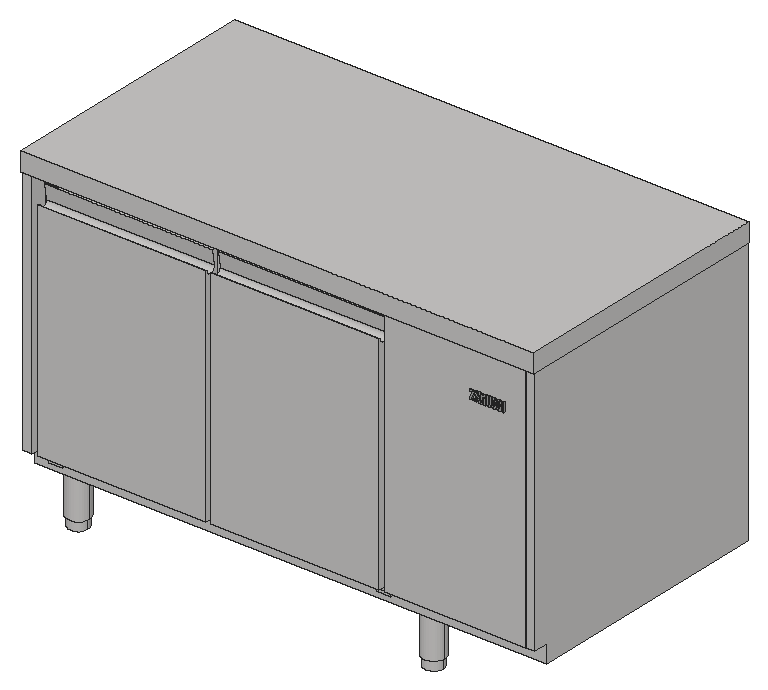
Revit family "QF_ZANUSSI_111024_ZH2HDAA", category Specialty Equipment, Revit 2018 (continued)
Definition of nested family "ZAN_Cooling Unit"
  Lines and regions (mm)
    Split face 131
      outline origin (110.032, 2, -125.094) x (0, 0, 1) y (-1, 0, 0)
        loop
          arc (510.649, 158.547) -> (506.648, 162.548) -> (502.647, 158.547) r 4.001
          line (502.647, 158.547) -> (502.647, 116.535)
          arc (502.647, 116.535) -> (506.648, 112.533) -> (510.649, 116.535) r 4.001
          line (510.649, 116.535) -> (510.649, 158.547)
    Split face 132
      outline origin (110.032, 2, -137.098) x (0, 0, 1) y (-1, 0, 0)
        loop
          arc (510.649, 158.547) -> (506.648, 162.548) -> (502.647, 158.547) r 4.001
          line (502.647, 158.547) -> (502.647, 116.535)
          arc (502.647, 116.535) -> (506.648, 112.533) -> (510.649, 116.535) r 4.001
          line (510.649, 116.535) -> (510.649, 158.547)
    Split face 133
      outline origin (110.032, 2, -149.101) x (0, 0, 1) y (-1, 0, 0)
        loop
          arc (510.649, 158.547) -> (506.648, 162.548) -> (502.647, 158.547) r 4.001
          line (502.647, 158.547) -> (502.647, 116.535)
          arc (502.647, 116.535) -> (506.648, 112.533) -> (510.649, 116.535) r 4.001
          line (510.649, 116.535) -> (510.649, 158.547)
    Split face 134
      outline origin (110.032, 2, -161.105) x (0, 0, 1) y (-1, 0, 0)
        loop
          arc (510.649, 158.547) -> (506.648, 162.548) -> (502.647, 158.547) r 4.001
          line (502.647, 158.547) -> (502.647, 116.535)
          arc (502.647, 116.535) -> (506.648, 112.533) -> (510.649, 116.535) r 4.001
          line (510.649, 116.535) -> (510.649, 158.547)
    Split face 135
      outline origin (110.032, 2, -173.108) x (0, 0, 1) y (-1, 0, 0)
        loop
          arc (510.649, 158.547) -> (506.648, 162.548) -> (502.647, 158.547) r 4.001
          line (502.647, 158.547) -> (502.647, 116.535)
          arc (502.647, 116.535) -> (506.648, 112.533) -> (510.649, 116.535) r 4.001
          line (510.649, 116.535) -> (510.649, 158.547)
    Split face 136
      outline origin (110.032, 2, -185.112) x (0, 0, 1) y (-1, 0, 0)
        loop
          arc (510.649, 158.547) -> (506.648, 162.548) -> (502.647, 158.547) r 4.001
          line (502.647, 158.547) -> (502.647, 116.535)
          arc (502.647, 116.535) -> (506.648, 112.533) -> (510.649, 116.535) r 4.001
          line (510.649, 116.535) -> (510.649, 158.547)
    Split face 137
      outline origin (110.032, 2, -197.115) x (0, 0, 1) y (-1, 0, 0)
        loop
          arc (510.649, 158.547) -> (506.648, 162.548) -> (502.647, 158.547) r 4.001
          line (502.647, 158.547) -> (502.647, 116.535)
          arc (502.647, 116.535) -> (506.648, 112.533) -> (510.649, 116.535) r 4.001
          line (510.649, 116.535) -> (510.649, 158.547)
    Split face 138
      outline origin (110.032, 2, -209.119) x (0, 0, 1) y (-1, 0, 0)
        loop
          arc (510.649, 158.547) -> (506.648, 162.548) -> (502.647, 158.547) r 4.001
          line (502.647, 158.547) -> (502.647, 116.535)
          arc (502.647, 116.535) -> (506.648, 112.533) -> (510.649, 116.535) r 4.001
          line (510.649, 116.535) -> (510.649, 158.547)
    Split face 139
      outline origin (110.032, 2, -221.122) x (0, 0, 1) y (-1, 0, 0)
        loop
          arc (510.649, 158.547) -> (506.648, 162.548) -> (502.647, 158.547) r 4.001
          line (502.647, 158.547) -> (502.647, 116.535)
          arc (502.647, 116.535) -> (506.648, 112.533) -> (510.649, 116.535) r 4.001
          line (510.649, 116.535) -> (510.649, 158.547)
    Split face 140
      outline origin (110.032, 2, -233.126) x (0, 0, 1) y (-1, 0, 0)
        loop
          arc (510.649, 158.547) -> (506.648, 162.548) -> (502.647, 158.547) r 4.001
          line (502.647, 158.547) -> (502.647, 116.535)
          arc (502.647, 116.535) -> (506.648, 112.533) -> (510.649, 116.535) r 4.001
          line (510.649, 116.535) -> (510.649, 158.547)
    Split face 141
      outline origin (110.032, 2, -245.129) x (0, 0, 1) y (-1, 0, 0)
        loop
          arc (510.649, 158.547) -> (506.648, 162.548) -> (502.647, 158.547) r 4.001
          line (502.647, 158.547) -> (502.647, 116.535)
          arc (502.647, 116.535) -> (506.648, 112.533) -> (510.649, 116.535) r 4.001
          line (510.649, 116.535) -> (510.649, 158.547)
    Split face 142
      outline origin (110.032, 2, -257.133) x (0, 0, 1) y (-1, 0, 0)
        loop
          arc (510.649, 158.547) -> (506.648, 162.548) -> (502.647, 158.547) r 4.001
          line (502.647, 158.547) -> (502.647, 116.535)
          arc (502.647, 116.535) -> (506.648, 112.533) -> (510.649, 116.535) r 4.001
          line (510.649, 116.535) -> (510.649, 158.547)
    Split face 143
      outline origin (110.032, 2, -269.136) x (0, 0, 1) y (-1, 0, 0)
        loop
          arc (510.649, 158.547) -> (506.648, 162.548) -> (502.647, 158.547) r 4.001
          line (502.647, 158.547) -> (502.647, 116.535)
          arc (502.647, 116.535) -> (506.648, 112.533) -> (510.649, 116.535) r 4.001
          line (510.649, 116.535) -> (510.649, 158.547)
    Split face 144
      outline origin (110.032, 2, -281.14) x (0, 0, 1) y (-1, 0, 0)
        loop
          arc (510.649, 158.547) -> (506.648, 162.548) -> (502.647, 158.547) r 4.001
          line (502.647, 158.547) -> (502.647, 116.535)
          arc (502.647, 116.535) -> (506.648, 112.533) -> (510.649, 116.535) r 4.001
          line (510.649, 116.535) -> (510.649, 158.547)
    Split face 145
      outline origin (110.032, 2, -293.144) x (0, 0, 1) y (-1, 0, 0)
        loop
          arc (510.649, 158.547) -> (506.648, 162.548) -> (502.647, 158.547) r 4.001
          line (502.647, 158.547) -> (502.647, 116.535)
          arc (502.647, 116.535) -> (506.648, 112.533) -> (510.649, 116.535) r 4.001
          line (510.649, 116.535) -> (510.649, 158.547)
    Split face 146
      outline origin (165.048, 2, -113.091) x (0, 0, 1) y (-1, 0, 0)
        loop
          arc (510.649, 158.547) -> (506.648, 162.548) -> (502.647, 158.547) r 4.001
          line (502.647, 158.547) -> (502.647, 116.535)
          arc (502.647, 116.535) -> (506.648, 112.533) -> (510.649, 116.535) r 4.001
          line (510.649, 116.535) -> (510.649, 158.547)
    Split face 147
      outline origin (165.048, 2, -125.094) x (0, 0, 1) y (-1, 0, 0)
        loop
          arc (510.649, 158.547) -> (506.648, 162.548) -> (502.647, 158.547) r 4.001
          line (502.647, 158.547) -> (502.647, 116.535)
          arc (502.647, 116.535) -> (506.648, 112.533) -> (510.649, 116.535) r 4.001
          line (510.649, 116.535) -> (510.649, 158.547)
    Split face 148
      outline origin (165.048, 2, -137.098) x (0, 0, 1) y (-1, 0, 0)
        loop
          arc (510.649, 158.547) -> (506.648, 162.548) -> (502.647, 158.547) r 4.001
          line (502.647, 158.547) -> (502.647, 116.535)
          arc (502.647, 116.535) -> (506.648, 112.533) -> (510.649, 116.535) r 4.001
          line (510.649, 116.535) -> (510.649, 158.547)
    Split face 149
      outline origin (165.048, 2, -149.101) x (0, 0, 1) y (-1, 0, 0)
        loop
          arc (510.649, 158.547) -> (506.648, 162.548) -> (502.647, 158.547) r 4.001
          line (502.647, 158.547) -> (502.647, 116.535)
          arc (502.647, 116.535) -> (506.648, 112.533) -> (510.649, 116.535) r 4.001
          line (510.649, 116.535) -> (510.649, 158.547)
    Split face 150
      outline origin (165.048, 2, -161.105) x (0, 0, 1) y (-1, 0, 0)
        loop
          arc (510.649, 158.547) -> (506.648, 162.548) -> (502.647, 158.547) r 4.001
          line (502.647, 158.547) -> (502.647, 116.535)
          arc (502.647, 116.535) -> (506.648, 112.533) -> (510.649, 116.535) r 4.001
          line (510.649, 116.535) -> (510.649, 158.547)
    Split face 151
      outline origin (165.048, 2, -173.108) x (0, 0, 1) y (-1, 0, 0)
        loop
          arc (510.649, 158.547) -> (506.648, 162.548) -> (502.647, 158.547) r 4.001
          line (502.647, 158.547) -> (502.647, 116.535)
          arc (502.647, 116.535) -> (506.648, 112.533) -> (510.649, 116.535) r 4.001
          line (510.649, 116.535) -> (510.649, 158.547)
    Split face 152
      outline origin (165.048, 2, -185.112) x (0, 0, 1) y (-1, 0, 0)
        loop
          arc (510.649, 158.547) -> (506.648, 162.548) -> (502.647, 158.547) r 4.001
          line (502.647, 158.547) -> (502.647, 116.535)
          arc (502.647, 116.535) -> (506.648, 112.533) -> (510.649, 116.535) r 4.001
          line (510.649, 116.535) -> (510.649, 158.547)
    Split face 153
      outline origin (165.048, 2, -197.115) x (0, 0, 1) y (-1, 0, 0)
        loop
          arc (510.649, 158.547) -> (506.648, 162.548) -> (502.647, 158.547) r 4.001
          line (502.647, 158.547) -> (502.647, 116.535)
          arc (502.647, 116.535) -> (506.648, 112.533) -> (510.649, 116.535) r 4.001
          line (510.649, 116.535) -> (510.649, 158.547)
    Split face 154
      outline origin (165.048, 2, -209.119) x (0, 0, 1) y (-1, 0, 0)
        loop
          arc (510.649, 158.547) -> (506.648, 162.548) -> (502.647, 158.547) r 4.001
          line (502.647, 158.547) -> (502.647, 116.535)
          arc (502.647, 116.535) -> (506.648, 112.533) -> (510.649, 116.535) r 4.001
          line (510.649, 116.535) -> (510.649, 158.547)
    Split face 155
      outline origin (165.048, 2, -221.122) x (0, 0, 1) y (-1, 0, 0)
        loop
          arc (510.649, 158.547) -> (506.648, 162.548) -> (502.647, 158.547) r 4.001
          line (502.647, 158.547) -> (502.647, 116.535)
          arc (502.647, 116.535) -> (506.648, 112.533) -> (510.649, 116.535) r 4.001
          line (510.649, 116.535) -> (510.649, 158.547)
    Split face 156
      outline origin (165.048, 2, -233.126) x (0, 0, 1) y (-1, 0, 0)
        loop
          arc (510.649, 158.547) -> (506.648, 162.548) -> (502.647, 158.547) r 4.001
          line (502.647, 158.547) -> (502.647, 116.535)
          arc (502.647, 116.535) -> (506.648, 112.533) -> (510.649, 116.535) r 4.001
          line (510.649, 116.535) -> (510.649, 158.547)
    Split face 157
      outline origin (165.048, 2, -245.129) x (0, 0, 1) y (-1, 0, 0)
        loop
          arc (510.649, 158.547) -> (506.648, 162.548) -> (502.647, 158.547) r 4.001
          line (502.647, 158.547) -> (502.647, 116.535)
          arc (502.647, 116.535) -> (506.648, 112.533) -> (510.649, 116.535) r 4.001
          line (510.649, 116.535) -> (510.649, 158.547)
    Split face 158
      outline origin (165.048, 2, -257.133) x (0, 0, 1) y (-1, 0, 0)
        loop
          arc (510.649, 158.547) -> (506.648, 162.548) -> (502.647, 158.547) r 4.001
          line (502.647, 158.547) -> (502.647, 116.535)
          arc (502.647, 116.535) -> (506.648, 112.533) -> (510.649, 116.535) r 4.001
          line (510.649, 116.535) -> (510.649, 158.547)
    Split face 159
      outline origin (165.048, 2, -269.136) x (0, 0, 1) y (-1, 0, 0)
        loop
          arc (510.649, 158.547) -> (506.648, 162.548) -> (502.647, 158.547) r 4.001
          line (502.647, 158.547) -> (502.647, 116.535)
          arc (502.647, 116.535) -> (506.648, 112.533) -> (510.649, 116.535) r 4.001
          line (510.649, 116.535) -> (510.649, 158.547)
    Split face 160
      outline origin (165.048, 2, -281.14) x (0, 0, 1) y (-1, 0, 0)
        loop
          arc (510.649, 158.547) -> (506.648, 162.548) -> (502.647, 158.547) r 4.001
          line (502.647, 158.547) -> (502.647, 116.535)
          arc (502.647, 116.535) -> (506.648, 112.533) -> (510.649, 116.535) r 4.001
          line (510.649, 116.535) -> (510.649, 158.547)
    Split face 161
      outline origin (165.048, 2, -293.144) x (0, 0, 1) y (-1, 0, 0)
        loop
          arc (510.649, 158.547) -> (506.648, 162.548) -> (502.647, 158.547) r 4.001
          line (502.647, 158.547) -> (502.647, 116.535)
          arc (502.647, 116.535) -> (506.648, 112.533) -> (510.649, 116.535) r 4.001
          line (510.649, 116.535) -> (510.649, 158.547)
    Split face 162
      outline origin (220.064, 2, -113.091) x (0, 0, 1) y (-1, 0, 0)
        loop
          arc (510.649, 158.547) -> (506.648, 162.548) -> (502.647, 158.547) r 4.001
          line (502.647, 158.547) -> (502.647, 116.535)
          arc (502.647, 116.535) -> (506.648, 112.533) -> (510.649, 116.535) r 4.001
          line (510.649, 116.535) -> (510.649, 158.547)
    Split face 163
      outline origin (220.064, 2, -125.094) x (0, 0, 1) y (-1, 0, 0)
        loop
          arc (510.649, 158.547) -> (506.648, 162.548) -> (502.647, 158.547) r 4.001
          line (502.647, 158.547) -> (502.647, 116.535)
          arc (502.647, 116.535) -> (506.648, 112.533) -> (510.649, 116.535) r 4.001
          line (510.649, 116.535) -> (510.649, 158.547)
    Split face 164
      outline origin (220.064, 2, -137.098) x (0, 0, 1) y (-1, 0, 0)
        loop
          arc (510.649, 158.547) -> (506.648, 162.548) -> (502.647, 158.547) r 4.001
          line (502.647, 158.547) -> (502.647, 116.535)
          arc (502.647, 116.535) -> (506.648, 112.533) -> (510.649, 116.535) r 4.001
          line (510.649, 116.535) -> (510.649, 158.547)
    Split face 165
      outline origin (220.064, 2, -149.101) x (0, 0, 1) y (-1, 0, 0)
        loop
          arc (510.649, 158.547) -> (506.648, 162.548) -> (502.647, 158.547) r 4.001
          line (502.647, 158.547) -> (502.647, 116.535)
          arc (502.647, 116.535) -> (506.648, 112.533) -> (510.649, 116.535) r 4.001
          line (510.649, 116.535) -> (510.649, 158.547)
    Split face 166
      outline origin (220.064, 2, -161.105) x (0, 0, 1) y (-1, 0, 0)
        loop
          arc (510.649, 158.547) -> (506.648, 162.548) -> (502.647, 158.547) r 4.001
          line (502.647, 158.547) -> (502.647, 116.535)
          arc (502.647, 116.535) -> (506.648, 112.533) -> (510.649, 116.535) r 4.001
          line (510.649, 116.535) -> (510.649, 158.547)
    Split face 167
      outline origin (220.064, 2, -173.108) x (0, 0, 1) y (-1, 0, 0)
        loop
          arc (510.649, 158.547) -> (506.648, 162.548) -> (502.647, 158.547) r 4.001
          line (502.647, 158.547) -> (502.647, 116.535)
          arc (502.647, 116.535) -> (506.648, 112.533) -> (510.649, 116.535) r 4.001
          line (510.649, 116.535) -> (510.649, 158.547)
    Split face 168
      outline origin (220.064, 2, -185.112) x (0, 0, 1) y (-1, 0, 0)
        loop
          arc (510.649, 158.547) -> (506.648, 162.548) -> (502.647, 158.547) r 4.001
          line (502.647, 158.547) -> (502.647, 116.535)
          arc (502.647, 116.535) -> (506.648, 112.533) -> (510.649, 116.535) r 4.001
          line (510.649, 116.535) -> (510.649, 158.547)
    Split face 169
      outline origin (220.064, 2, -197.115) x (0, 0, 1) y (-1, 0, 0)
        loop
          arc (510.649, 158.547) -> (506.648, 162.548) -> (502.647, 158.547) r 4.001
          line (502.647, 158.547) -> (502.647, 116.535)
          arc (502.647, 116.535) -> (506.648, 112.533) -> (510.649, 116.535) r 4.001
          line (510.649, 116.535) -> (510.649, 158.547)
    Split face 170
      outline origin (220.064, 2, -209.119) x (0, 0, 1) y (-1, 0, 0)
        loop
          arc (510.649, 158.547) -> (506.648, 162.548) -> (502.647, 158.547) r 4.001
          line (502.647, 158.547) -> (502.647, 116.535)
          arc (502.647, 116.535) -> (506.648, 112.533) -> (510.649, 116.535) r 4.001
          line (510.649, 116.535) -> (510.649, 158.547)
    Split face 171
      outline origin (220.064, 2, -221.122) x (0, 0, 1) y (-1, 0, 0)
        loop
          arc (510.649, 158.547) -> (506.648, 162.548) -> (502.647, 158.547) r 4.001
          line (502.647, 158.547) -> (502.647, 116.535)
          arc (502.647, 116.535) -> (506.648, 112.533) -> (510.649, 116.535) r 4.001
          line (510.649, 116.535) -> (510.649, 158.547)
    Split face 172
      outline origin (220.064, 2, -233.126) x (0, 0, 1) y (-1, 0, 0)
        loop
          arc (510.649, 158.547) -> (506.648, 162.548) -> (502.647, 158.547) r 4.001
          line (502.647, 158.547) -> (502.647, 116.535)
          arc (502.647, 116.535) -> (506.648, 112.533) -> (510.649, 116.535) r 4.001
          line (510.649, 116.535) -> (510.649, 158.547)
    Split face 173
      outline origin (220.064, 2, -245.129) x (0, 0, 1) y (-1, 0, 0)
        loop
          arc (510.649, 158.547) -> (506.648, 162.548) -> (502.647, 158.547) r 4.001
          line (502.647, 158.547) -> (502.647, 116.535)
          arc (502.647, 116.535) -> (506.648, 112.533) -> (510.649, 116.535) r 4.001
          line (510.649, 116.535) -> (510.649, 158.547)
    Split face 174
      outline origin (220.064, 2, -257.133) x (0, 0, 1) y (-1, 0, 0)
        loop
          arc (510.649, 158.547) -> (506.648, 162.548) -> (502.647, 158.547) r 4.001
          line (502.647, 158.547) -> (502.647, 116.535)
          arc (502.647, 116.535) -> (506.648, 112.533) -> (510.649, 116.535) r 4.001
          line (510.649, 116.535) -> (510.649, 158.547)
    Split face 175
      outline origin (220.064, 2, -269.136) x (0, 0, 1) y (-1, 0, 0)
        loop
          arc (510.649, 158.547) -> (506.648, 162.548) -> (502.647, 158.547) r 4.001
          line (502.647, 158.547) -> (502.647, 116.535)
          arc (502.647, 116.535) -> (506.648, 112.533) -> (510.649, 116.535) r 4.001
          line (510.649, 116.535) -> (510.649, 158.547)
    Split face 176
      outline origin (220.064, 2, -281.14) x (0, 0, 1) y (-1, 0, 0)
        loop
          arc (510.649, 158.547) -> (506.648, 162.548) -> (502.647, 158.547) r 4.001
          line (502.647, 158.547) -> (502.647, 116.535)
          arc (502.647, 116.535) -> (506.648, 112.533) -> (510.649, 116.535) r 4.001
          line (510.649, 116.535) -> (510.649, 158.547)
    Split face 177
      outline origin (220.064, 2, -293.144) x (0, 0, 1) y (-1, 0, 0)
        loop
          arc (510.649, 158.547) -> (506.648, 162.548) -> (502.647, 158.547) r 4.001
          line (502.647, 158.547) -> (502.647, 116.535)
          arc (502.647, 116.535) -> (506.648, 112.533) -> (510.649, 116.535) r 4.001
          line (510.649, 116.535) -> (510.649, 158.547)
    Split face 178
      outline origin (275.081, 2, -113.091) x (0, 0, 1) y (-1, 0, 0)
        loop
          arc (510.649, 158.547) -> (506.648, 162.548) -> (502.647, 158.547) r 4.001
          line (502.647, 158.547) -> (502.647, 116.535)
          arc (502.647, 116.535) -> (506.648, 112.533) -> (510.649, 116.535) r 4.001
          line (510.649, 116.535) -> (510.649, 158.547)
    Split face 179
      outline origin (275.081, 2, -125.094) x (0, 0, 1) y (-1, 0, 0)
        loop
          arc (510.649, 158.547) -> (506.648, 162.548) -> (502.647, 158.547) r 4.001
          line (502.647, 158.547) -> (502.647, 116.535)
          arc (502.647, 116.535) -> (506.648, 112.533) -> (510.649, 116.535) r 4.001
          line (510.649, 116.535) -> (510.649, 158.547)
    Split face 180
      outline origin (275.081, 2, -137.098) x (0, 0, 1) y (-1, 0, 0)
        loop
          arc (510.649, 158.547) -> (506.648, 162.548) -> (502.647, 158.547) r 4.001
          line (502.647, 158.547) -> (502.647, 116.535)
          arc (502.647, 116.535) -> (506.648, 112.533) -> (510.649, 116.535) r 4.001
          line (510.649, 116.535) -> (510.649, 158.547)
    Split face 181
      outline origin (275.081, 2, -149.101) x (0, 0, 1) y (-1, 0, 0)
        loop
          arc (510.649, 158.547) -> (506.648, 162.548) -> (502.647, 158.547) r 4.001
          line (502.647, 158.547) -> (502.647, 116.535)
          arc (502.647, 116.535) -> (506.648, 112.533) -> (510.649, 116.535) r 4.001
          line (510.649, 116.535) -> (510.649, 158.547)
    Split face 182
      outline origin (275.081, 2, -161.105) x (0, 0, 1) y (-1, 0, 0)
        loop
          arc (510.649, 158.547) -> (506.648, 162.548) -> (502.647, 158.547) r 4.001
          line (502.647, 158.547) -> (502.647, 116.535)
          arc (502.647, 116.535) -> (506.648, 112.533) -> (510.649, 116.535) r 4.001
          line (510.649, 116.535) -> (510.649, 158.547)
    Split face 183
      outline origin (275.081, 2, -173.108) x (0, 0, 1) y (-1, 0, 0)
        loop
          arc (510.649, 158.547) -> (506.648, 162.548) -> (502.647, 158.547) r 4.001
          line (502.647, 158.547) -> (502.647, 116.535)
          arc (502.647, 116.535) -> (506.648, 112.533) -> (510.649, 116.535) r 4.001
          line (510.649, 116.535) -> (510.649, 158.547)
    Split face 184
      outline origin (275.081, 2, -185.112) x (0, 0, 1) y (-1, 0, 0)
        loop
          arc (510.649, 158.547) -> (506.648, 162.548) -> (502.647, 158.547) r 4.001
          line (502.647, 158.547) -> (502.647, 116.535)
          arc (502.647, 116.535) -> (506.648, 112.533) -> (510.649, 116.535) r 4.001
          line (510.649, 116.535) -> (510.649, 158.547)
    Split face 185
      outline origin (275.081, 2, -197.115) x (0, 0, 1) y (-1, 0, 0)
        loop
          arc (510.649, 158.547) -> (506.648, 162.548) -> (502.647, 158.547) r 4.001
          line (502.647, 158.547) -> (502.647, 116.535)
          arc (502.647, 116.535) -> (506.648, 112.533) -> (510.649, 116.535) r 4.001
          line (510.649, 116.535) -> (510.649, 158.547)
    Split face 186
      outline origin (275.081, 2, -209.119) x (0, 0, 1) y (-1, 0, 0)
        loop
          arc (510.649, 158.547) -> (506.648, 162.548) -> (502.647, 158.547) r 4.001
          line (502.647, 158.547) -> (502.647, 116.535)
          arc (502.647, 116.535) -> (506.648, 112.533) -> (510.649, 116.535) r 4.001
          line (510.649, 116.535) -> (510.649, 158.547)
    Split face 187
      outline origin (275.081, 2, -221.122) x (0, 0, 1) y (-1, 0, 0)
        loop
          arc (510.649, 158.547) -> (506.648, 162.548) -> (502.647, 158.547) r 4.001
          line (502.647, 158.547) -> (502.647, 116.535)
          arc (502.647, 116.535) -> (506.648, 112.533) -> (510.649, 116.535) r 4.001
          line (510.649, 116.535) -> (510.649, 158.547)
    Split face 188
      outline origin (275.081, 2, -233.126) x (0, 0, 1) y (-1, 0, 0)
        loop
          arc (510.649, 158.547) -> (506.648, 162.548) -> (502.647, 158.547) r 4.001
          line (502.647, 158.547) -> (502.647, 116.535)
          arc (502.647, 116.535) -> (506.648, 112.533) -> (510.649, 116.535) r 4.001
          line (510.649, 116.535) -> (510.649, 158.547)
    Split face 189
      outline origin (275.081, 2, -245.129) x (0, 0, 1) y (-1, 0, 0)
        loop
          arc (510.649, 158.547) -> (506.648, 162.548) -> (502.647, 158.547) r 4.001
          line (502.647, 158.547) -> (502.647, 116.535)
          arc (502.647, 116.535) -> (506.648, 112.533) -> (510.649, 116.535) r 4.001
          line (510.649, 116.535) -> (510.649, 158.547)
    Split face 190
      outline origin (275.081, 2, -257.133) x (0, 0, 1) y (-1, 0, 0)
        loop
          arc (510.649, 158.547) -> (506.648, 162.548) -> (502.647, 158.547) r 4.001
          line (502.647, 158.547) -> (502.647, 116.535)
          arc (502.647, 116.535) -> (506.648, 112.533) -> (510.649, 116.535) r 4.001
          line (510.649, 116.535) -> (510.649, 158.547)
    Split face 191
      outline origin (275.081, 2, -269.136) x (0, 0, 1) y (-1, 0, 0)
        loop
          arc (510.649, 158.547) -> (506.648, 162.548) -> (502.647, 158.547) r 4.001
          line (502.647, 158.547) -> (502.647, 116.535)
          arc (502.647, 116.535) -> (506.648, 112.533) -> (510.649, 116.535) r 4.001
          line (510.649, 116.535) -> (510.649, 158.547)
    Split face 192
      outline origin (275.081, 2, -281.14) x (0, 0, 1) y (-1, 0, 0)
        loop
          arc (510.649, 158.547) -> (506.648, 162.548) -> (502.647, 158.547) r 4.001
          line (502.647, 158.547) -> (502.647, 116.535)
          arc (502.647, 116.535) -> (506.648, 112.533) -> (510.649, 116.535) r 4.001
          line (510.649, 116.535) -> (510.649, 158.547)
    Split face 193
      outline origin (275.081, 2, -293.144) x (0, 0, 1) y (-1, 0, 0)
        loop
          arc (510.649, 158.547) -> (506.648, 162.548) -> (502.647, 158.547) r 4.001
          line (502.647, 158.547) -> (502.647, 116.535)
          arc (502.647, 116.535) -> (506.648, 112.533) -> (510.649, 116.535) r 4.001
          line (510.649, 116.535) -> (510.649, 158.547)
    Split face 194
      outline origin (0, 2, 197) x (0, 0, 1) y (-1, 0, 0)
        loop
          spline (566.835, 20.381) -> (564.628, 19.058) -> (561.987, 18.027) -> (558.955, 17.386) -> (555.581, 17.244) -> (551.912, 17.703) -> (547.993, 18.863) -> (543.871, 20.83) -> (539.591, 23.706) -> (535.202, 27.594) -> (530.748, 32.597) -> (526.28, 38.824) -> (521.835, 46.362)
        loop
          spline (521.835, 58.392) -> (525.386, 49.242) -> (529.197, 41.481) -> (533.2, 35.023) -> (537.329, 29.786) -> (541.516, 25.684) -> (545.695, 22.634) -> (549.798, 20.552) -> (553.759, 19.355) -> (557.511, 18.958) -> (560.984, 19.275) -> (564.115, 20.227) -> (566.835, 21.726)
    Split face 195
      outline origin (0, 2, 197) x (0, 0, 1) y (-1, 0, 0)
        loop
          line (555.835, 149.5) -> (532.835, 149.5) -> (532.835, 94.5) -> (555.835, 94.5) -> (555.835, 149.5)
  Dimensions and locks
    aligned and locked: level to plane 2
  Nested families
    nested 1: "ZAN_Logo_S_Grey" at (85, 2, 741.213) x (1, 0, 0) z (0, -1, 0), visible <- "Show Logo", type "ZAN_Logo_S_Grey"
  Definition of nested family "ZAN_Logo_S_Grey"
    Parameters
      Default Elevation = 0 mm
    Reference planes
      plane 1 "Centro (Fronte/Retro)": y = 0
      plane 2: z = 0
      plane 3 "Centro (Sinistra/Destra)": x = 0
    Forms (mm)
      Extrusion 1, solid
        sketch origin (0, 0, 0) x (1, 0, 0) y (0, 1, 0)
          loop
            line (-1219.2, 1219.2) -> (-1219.2, -1219.2) -> (1219.2, -1219.2) -> (1219.2, 1219.2) -> (-1219.2, 1219.2)
        from 0 to -304.8
      Extrusion 2, solid
        sketch origin (17.793, -46.218, 0) x (-1, 0, 0) y (0, -1, 0)
          loop
            spline (-4.176, -58.079) -> (-3.496, -58.328) -> (-2.793, -58.512) -> (-2.075, -58.63) -> (-1.348, -58.682) -> (-0.619, -58.669) -> (0.106, -58.588) -> (0.818, -58.44) -> (1.512, -58.225) -> (2.18, -57.941) -> (2.817, -57.589) -> (3.414, -57.167) -> (3.966, -56.676)
            spline (3.966, -56.676) -> (4.293, -56.162) -> (4.575, -55.61) -> (4.81, -55.026) -> (5, -54.419) -> (5.146, -53.797) -> (5.247, -53.166) -> (5.304, -52.536) -> (5.318, -51.913) -> (5.288, -51.306) -> (5.217, -50.723) -> (5.103, -50.17) -> (4.949, -49.657)
            line (4.949, -49.657) -> (2.702, -46.428) -> (0.316, -44.323)
            spline (0.316, -44.323) -> (0.065, -44.115) -> (-0.195, -43.909) -> (-0.46, -43.704) -> (-0.729, -43.496) -> (-0.997, -43.282) -> (-1.263, -43.059) -> (-1.523, -42.825) -> (-1.774, -42.576) -> (-2.013, -42.309) -> (-2.238, -42.022) -> (-2.445, -41.712) -> (-2.632, -41.375)
            spline (-2.632, -41.375) -> (-2.666, -41.159) -> (-2.697, -40.934) -> (-2.722, -40.701) -> (-2.736, -40.465) -> (-2.736, -40.227) -> (-2.72, -39.989) -> (-2.682, -39.754) -> (-2.621, -39.524) -> (-2.533, -39.302) -> (-2.414, -39.091) -> (-2.261, -38.892) -> (-2.07, -38.708)
            line (-2.07, -38.708) -> (-0.245, -38.567)
            spline (-0.245, -38.567) -> (0.096, -38.8) -> (0.354, -39.074) -> (0.54, -39.381) -> (0.664, -39.716) -> (0.738, -40.073) -> (0.772, -40.445) -> (0.777, -40.825) -> (0.763, -41.208) -> (0.742, -41.588) -> (0.723, -41.957) -> (0.718, -42.309) -> (0.737, -42.638)
            line (0.737, -42.638) -> (5.65, -42.638)
            spline (5.65, -42.638) -> (5.708, -42.042) -> (5.741, -41.448) -> (5.747, -40.857) -> (5.723, -40.273) -> (5.668, -39.696) -> (5.58, -39.129) -> (5.457, -38.574) -> (5.297, -38.032) -> (5.098, -37.506) -> (4.857, -36.997) -> (4.574, -36.508) -> (4.247, -36.041)
            spline (4.247, -36.041) -> (3.844, -35.675) -> (3.409, -35.35) -> (2.946, -35.065) -> (2.458, -34.819) -> (1.949, -34.612) -> (1.421, -34.444) -> (0.88, -34.314) -> (0.326, -34.221) -> (-0.234, -34.165) -> (-0.8, -34.146) -> (-1.366, -34.163) -> (-1.93, -34.216)
            spline (-1.93, -34.216) -> (-2.526, -34.309) -> (-3.116, -34.448) -> (-3.695, -34.633) -> (-4.259, -34.861) -> (-4.801, -35.131) -> (-5.316, -35.444) -> (-5.799, -35.798) -> (-6.245, -36.191) -> (-6.648, -36.624) -> (-7.002, -37.095) -> (-7.303, -37.603) -> (-7.545, -38.146)
            spline (-7.545, -38.146) -> (-7.694, -38.815) -> (-7.792, -39.487) -> (-7.839, -40.158) -> (-7.836, -40.824) -> (-7.785, -41.482) -> (-7.685, -42.129) -> (-7.539, -42.762) -> (-7.347, -43.377) -> (-7.111, -43.97) -> (-6.83, -44.538) -> (-6.506, -45.078) -> (-6.141, -45.586)
            line (-6.141, -45.586) -> (-0.526, -50.64) -> (0.176, -51.482)
            spline (0.176, -51.482) -> (0.248, -51.66) -> (0.323, -51.843) -> (0.397, -52.03) -> (0.467, -52.22) -> (0.529, -52.412) -> (0.579, -52.605) -> (0.615, -52.798) -> (0.633, -52.989) -> (0.63, -53.179) -> (0.601, -53.366) -> (0.545, -53.55) -> (0.456, -53.728)
            spline (0.456, -53.728) -> (0.375, -53.892) -> (0.273, -54.034) -> (0.154, -54.155) -> (0.02, -54.258) -> (-0.126, -54.343) -> (-0.28, -54.412) -> (-0.441, -54.466) -> (-0.604, -54.508) -> (-0.767, -54.537) -> (-0.928, -54.556) -> (-1.082, -54.567) -> (-1.228, -54.57)
            line (-1.228, -54.57) -> (-2.632, -53.587) -> (-2.772, -50.64) -> (-7.405, -50.64)
            spline (-7.405, -50.64) -> (-7.41, -51.031) -> (-7.423, -51.432) -> (-7.44, -51.839) -> (-7.456, -52.251) -> (-7.469, -52.665) -> (-7.475, -53.079) -> (-7.468, -53.489) -> (-7.446, -53.894) -> (-7.404, -54.291) -> (-7.339, -54.679) -> (-7.247, -55.053) -> (-7.123, -55.412)
            spline (-7.123, -55.412) -> (-6.999, -55.693) -> (-6.837, -55.97) -> (-6.643, -56.244) -> (-6.422, -56.509) -> (-6.177, -56.765) -> (-5.913, -57.009) -> (-5.634, -57.238) -> (-5.346, -57.45) -> (-5.051, -57.643) -> (-4.755, -57.814) -> (-4.462, -57.96) -> (-4.176, -58.079)
          loop
            spline (-21.021, -55.552) -> (-20.633, -56.181) -> (-20.177, -56.736) -> (-19.661, -57.217) -> (-19.092, -57.627) -> (-18.478, -57.966) -> (-17.827, -58.237) -> (-17.147, -58.441) -> (-16.446, -58.578) -> (-15.73, -58.652) -> (-15.009, -58.662) -> (-14.29, -58.611) -> (-13.581, -58.5)
            spline (-13.581, -58.5) -> (-13.088, -58.407) -> (-12.595, -58.269) -> (-12.109, -58.088) -> (-11.636, -57.866) -> (-11.183, -57.605) -> (-10.756, -57.307) -> (-10.361, -56.974) -> (-10.004, -56.608) -> (-9.692, -56.211) -> (-9.431, -55.784) -> (-9.228, -55.33) -> (-9.089, -54.851)
            spline (-9.089, -54.851) -> (-8.873, -54.211) -> (-8.715, -53.559) -> (-8.615, -52.901) -> (-8.574, -52.241) -> (-8.592, -51.585) -> (-8.668, -50.938) -> (-8.802, -50.306) -> (-8.995, -49.693) -> (-9.247, -49.106) -> (-9.557, -48.55) -> (-9.925, -48.03) -> (-10.352, -47.551)
            line (-10.352, -47.551) -> (-15.546, -42.919) -> (-16.669, -41.234)
            spline (-16.669, -41.234) -> (-16.704, -41.021) -> (-16.735, -40.804) -> (-16.761, -40.583) -> (-16.778, -40.361) -> (-16.784, -40.139) -> (-16.774, -39.919) -> (-16.748, -39.701) -> (-16.7, -39.488) -> (-16.63, -39.28) -> (-16.533, -39.08) -> (-16.406, -38.889) -> (-16.248, -38.708)
            line (-16.248, -38.708) -> (-14.844, -38.427)
            spline (-14.844, -38.427) -> (-14.347, -38.545) -> (-13.969, -38.749) -> (-13.695, -39.028) -> (-13.508, -39.368) -> (-13.393, -39.757) -> (-13.335, -40.182) -> (-13.318, -40.63) -> (-13.326, -41.089) -> (-13.344, -41.546) -> (-13.356, -41.988) -> (-13.347, -42.403) -> (-13.3, -42.779)
            line (-13.3, -42.779) -> (-8.387, -42.638)
            spline (-8.387, -42.638) -> (-8.326, -42.034) -> (-8.288, -41.417) -> (-8.277, -40.794) -> (-8.299, -40.169) -> (-8.357, -39.548) -> (-8.457, -38.936) -> (-8.604, -38.339) -> (-8.803, -37.762) -> (-9.058, -37.21) -> (-9.375, -36.689) -> (-9.758, -36.204) -> (-10.212, -35.76)
            spline (-10.212, -35.76) -> (-10.793, -35.336) -> (-11.409, -34.976) -> (-12.054, -34.679) -> (-12.723, -34.445) -> (-13.409, -34.273) -> (-14.107, -34.163) -> (-14.811, -34.115) -> (-15.515, -34.127) -> (-16.213, -34.2) -> (-16.899, -34.333) -> (-17.568, -34.526) -> (-18.213, -34.777)
            spline (-18.213, -34.777) -> (-18.496, -34.897) -> (-18.783, -35.044) -> (-19.071, -35.216) -> (-19.357, -35.412) -> (-19.639, -35.629) -> (-19.915, -35.865) -> (-20.182, -36.119) -> (-20.438, -36.389) -> (-20.681, -36.672) -> (-20.907, -36.967) -> (-21.115, -37.272) -> (-21.301, -37.585)
            spline (-21.301, -37.585) -> (-21.55, -38.26) -> (-21.734, -38.948) -> (-21.854, -39.647) -> (-21.91, -40.351) -> (-21.901, -41.057) -> (-21.828, -41.761) -> (-21.69, -42.459) -> (-21.489, -43.148) -> (-21.222, -43.823) -> (-20.892, -44.48) -> (-20.497, -45.116) -> (-20.038, -45.726)
            line (-20.038, -45.726) -> (-14.142, -51.061) -> (-13.44, -52.886) -> (-14.002, -54.289) -> (-15.265, -54.57) -> (-16.669, -53.587) -> (-16.81, -50.78) -> (-21.582, -50.64)
            spline (-21.582, -50.64) -> (-21.558, -51.063) -> (-21.55, -51.491) -> (-21.554, -51.92) -> (-21.561, -52.35) -> (-21.567, -52.778) -> (-21.565, -53.201) -> (-21.547, -53.619) -> (-21.509, -54.029) -> (-21.444, -54.43) -> (-21.345, -54.818) -> (-21.206, -55.193) -> (-21.021, -55.552)
          loop
            line (-22.424, -34.216) -> (-27.337, -34.216) -> (-27.337, -58.22) -> (-22.424, -58.22) -> (-22.424, -34.216)
          loop
            line (14.213, -39.971) -> (14.213, -58.22) -> (19.126, -58.22) -> (19.126, -42.077) -> (18.845, -38.146) -> (18.424, -37.164) -> (17.442, -35.9) -> (16.459, -35.199) -> (14.494, -34.356) -> (13.511, -34.216) -> (11.265, -34.216) -> (10.142, -34.497) -> (8.458, -35.479) -> (6.493, -38.287) -> (6.352, -39.269) -> (6.352, -58.22) -> (11.265, -58.22) -> (11.265, -40.392) -> (11.827, -39.129) -> (13.371, -38.988) -> (14.213, -39.971)
          loop
            line (20.249, -58.22) -> (24.741, -58.22) -> (24.741, -42.919) -> (28.812, -58.22) -> (34.006, -58.22) -> (34.006, -34.216) -> (29.654, -34.216) -> (29.654, -50.078) -> (25.583, -34.216) -> (20.249, -34.216) -> (20.249, -58.22)
          loop
            line (50.149, -58.22) -> (62.361, -58.22) -> (62.361, -53.728) -> (55.904, -53.868) -> (62.923, -39.129) -> (62.923, -34.216) -> (50.149, -34.216) -> (50.149, -39.129) -> (57.517, -39.129) -> (50.149, -54.149) -> (50.149, -58.22)
          loop
            line (38.778, -58.22) -> (45.516, -58.22) -> (49.868, -34.216) -> (44.814, -34.216) -> (44.113, -38.848) -> (40.042, -38.848) -> (39.34, -34.216) -> (34.286, -34.216) -> (38.778, -58.22)
          loop
            line (43.551, -43.2) -> (40.744, -43.2) -> (42.147, -54.117) -> (43.551, -43.2)
        from 0 to 1.644
    Dimensions and locks
      aligned and locked: plane 2 to Extrusion 1
      aligned and locked: level to Extrusion 1
Definition of nested family "Refrigerator"
  Reference planes
    plane 1 "Center (Front/Back)": y = 0
    plane 2: z = 0
    plane 3 "Center (Left/Right)": x = 0
  Lines and regions (mm)
    detail lines, in view "Ref. Level"
      curve 1: spline (-500, 190, 0) -> (-493.185, 166.706, 0) -> (-473.205, 145, 0) -> (-441.421, 126.36, 0) -> (-400, 112.058, 0) -> (-351.764, 103.067, 0) -> (-300, 100, 0) -> (-248.236, 103.067, 0) -> (-200, 112.058, 0) -> (-158.579, 126.36, 0) -> (-126.795, 145, 0) -> (-106.815, 166.706, 0) -> (-100, 190, 0) -> (-106.815, 213.294, 0) -> (-126.795, 235, 0) -> (-158.579, 253.64, 0) -> (-200, 267.942, 0) -> (-248.236, 276.933, 0) -> (-300, 280, 0) -> (-351.764, 276.933, 0) -> (-400, 267.942, 0) -> (-441.421, 253.64, 0) -> (-473.205, 235, 0) -> (-493.185, 213.294, 0) -> (-500, 190, 0)
      curve 2: line (-300, 130, 0) -> (-300, 250, 0)
      curve 3: line (-351.962, 220, 0) -> (-248.038, 160, 0)
      curve 4: line (-351.962, 160, 0) -> (-248.038, 220, 0)
      curve 5: line (-280.884, 246.873, 0) -> (-300, 225, 0)
      curve 6: line (-300, 225, 0) -> (-319.116, 246.873, 0)
      curve 7: line (-330.311, 207.5, 0) -> (-339.696, 234.992, 0)
      curve 8: line (-358.812, 201.882, 0) -> (-330.311, 207.5, 0)
      curve 9: line (-330.311, 172.5, 0) -> (-358.812, 178.118, 0)
      curve 10: line (-339.696, 145.008, 0) -> (-330.311, 172.5, 0)
      curve 11: line (-300, 155, 0) -> (-319.116, 133.127, 0)
      curve 12: line (-280.884, 133.127, 0) -> (-300, 155, 0)
      curve 13: line (-269.689, 172.5, 0) -> (-260.304, 145.008, 0)
      curve 14: line (-241.188, 178.118, 0) -> (-269.689, 172.5, 0)
      curve 15: line (-269.689, 207.5, 0) -> (-241.188, 201.882, 0)
      curve 16: line (-260.304, 234.992, 0) -> (-269.689, 207.5, 0)
